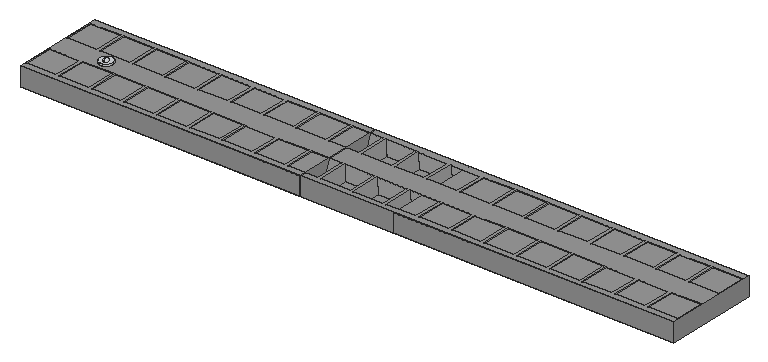
Revit family "2023781", category Lighting Fixtures, host Face, Revit 2018
Family settings
  Host = Face
  Round Connector Dimension = Use Diameter
  Part Type = Normal
  OmniClass Number = 23.80.70.00
  OmniClass Title = Lighting
  Cut with Voids When Loaded = No
  Light Source = Yes
  Shared = No
  Room Calculation Point = No
Parameters (values of type "2023781 OPTIX S 1500 2L D/I HO 4K WHT SSC")
  Weight = "n/a"
  Wattage Comments = ""
  Wattage = 9.2903 W
  WarrantyStartDate [instance] = "n/a"
  WarrantyGuarantorParts = "n/a"
  WarrantyDurationUnit = "n/a"
  WarrantyDurationParts = ""
  WarrantyDescription = "http://www.sylvania-lighting.com"
  built-in parameter 1150110 = 1 (stored number, unit not read)
  Voltage = 0 V
  URL = "0.98"
  TypeName = "OPTIX SURFACE 1500 2L D/I HO 4000K WHT SSC"
  Type Image = <None>
  Type Comments = "n/a"
  built-in parameter 1114217 = 1 (stored number, unit not read)
  Tilt Angle = -90.00°
  built-in parameter 1150109 = 1 (stored number, unit not read)
  built-in parameter 1150134 = 3
  built-in parameter 1150113 = 1 (stored number, unit not read)
  SerialNumber [instance] = "n/a"
  Photometric Web File = "2023781.ies"
  Material_3_SYL = none
  PowerFactor = 0
  PowerConsumption = "Lighting"
  NominalLength = 200 mm
  NominalHeight = 45 mm
  NominalDepth = 200 mm
  Name = "OPTIX SURFACE 1500 2L D/I HO 4000K WHT SSC"
  ModelReference = Name  # "OPTIX SURFACE 1500 2L D/I HO 4000K WHT SSC"
  ModelNumber = "2023781"
  Model = Name  # "OPTIX SURFACE 1500 2L D/I HO 4000K WHT SSC"
  Material = "Feilo Sylvania"
  ManufacturerName = "167 lm/W"
  Manufacturer = ""
  LuminousEfficacy = ""
  built-in parameter 1150105 = 109.82 (stored number, unit not read)
  Lumens = 1380 lm
  LuminaireType = "0"
  built-in parameter 1150115 = 1 (stored number, unit not read)
  LightOutputRatio = "LED"
  built-in parameter 1150137 = (empty or 0)
  built-in parameter 1150139 = (empty or 0)
  LampsType = Lamp  # "n/a"
  LampNominalLuminous = "4000 K"
  LampMacAdamStep = "80"
  LampColourTemperature = "LED"
  LampColourRenderingIndex = "16500"
  built-in parameter 1150112 = 1 (stored number, unit not read)
  built-in parameter 1150114 = 1 (stored number, unit not read)
  Lamp = "n/a"
  Keynote = "n/a"
  InstallationDate [instance] = "n/a"
  InputVoltage = "0"
  InputNominalFrequency = "4000"
  built-in parameter 1150132 = (empty or 0)
  built-in parameter 1150102 = (empty or 0)
  built-in parameter 1150107 = 3200 (stored number, unit not read)
  built-in parameter 1150138 = (empty or 0)
  IngressProtection = "IfcLightFixtureType"
  ImpactProtectionIndex = "IfcLightFixtureType"
  built-in parameter 1150106 = 1.0982 (stored number, unit not read)
  IfcExportType = "IfcLightFixtureType"
  IfcExportAs = "Class I"
  Emit from Circle Diameter = 609.6 mm
  Emit Shape Visible in Rendering = no
  ElectricShockClassification = "167"
  built-in parameter 1150104 = 13.8 (stored number, unit not read)
  DocumentationLiterature = "http://www.sylvania-lighting.com/product/en-int/products/2023781"
  DimmingControlOptions = "n/a"
  Material_2_SYL = none
  Dimming Lamp Color Temperature Shift = <None>
  Description = "OPTIX SURFACE 1500x200 2 LINE D/I HO 4000K WHT SSC is a high efficacy low glare luminaire for office and education applications. Direct / Indirect lighting with 80% downlight and 20% uplight ratio for ceiling suspended mounting. Size: 1410x200x45mm. White plastic low glare optics in 2 lines configuration. White RAL9016 fixture body. SylSmart Standalone capable. 4000K Neutral White LED, CRI>80, chromaticity tolerance of 3-step MacAdam ellipse. Luminous flux 7000lm. Power consumption 42W. Luminaire efficacy 167lm/W. Lifespan: 60,000 hours L90B10. UGR<19, Luminance at 65°<3000 Cd/m2, IK07, IP20. Photobiological safety risk group 1. Electrical protection Class I. Glow wire test 850°C"
  Default Elevation = 1219.2 mm
  CreatedOn = "22/09/2022"
  CreatedBy = "@sylvania-lighting.com"
  Cost = 0
  Color Filter = 16777215
  built-in parameter 1114216 [instance] = (empty or 0)
  ClassificationValue = "EF_70_80"
  ClassificationName = "Uniclass2015"
  Material_1_SYL = none
  BarCode [instance] = "n/a"
  built-in parameter 1114218 = 1 (stored number, unit not read)
  built-in parameter 1150133 = 10 (stored number, unit not read)
  AssetType = "Fixed"
  AssetIdentifier [instance] = "n/a"
  Assembly Code = "D5020200"
  Apparent Load = 42 VA
  Material_4_SYL = none
Reference planes
  plane 1 "Center (Front/Back)": y = 0
  plane 2: z = 0
  plane 3 "Center (Left/Right)": x = 0
  plane 4: x = -100
  plane 5: x = 100
  plane 6: y = 100
  plane 7: y = -100
  plane 8: z = 45
  plane 9: x = -698.5
  plane 10: x = 698.5
  plane 11: x = -633
  plane 12: y = 23
  plane 13: y = -23
  plane 14: x = -563
  plane 15: x = -557
  plane 16: x = -493
  plane 17: x = -487
  plane 18: x = -423
  plane 19: x = -417
  plane 20: x = -353
  plane 21: x = -347
  plane 22: x = -283
  plane 23: x = -277
  plane 24: x = -213
  plane 25: x = -206.997
  plane 26: x = -142.997
  plane 27: x = -136.997
  plane 28: x = -72.997
  plane 29: x = -66.997
  plane 30: x = -2.997
  plane 31: x = 3.003
  plane 32: x = 67.003
  plane 33: x = 73.003
  plane 34: x = 137.003
  plane 35: x = 143.003
  plane 36: x = 207.003
  plane 37: x = 213.003
  plane 38: x = 277.003
  plane 39: x = 283.003
  plane 40: x = 347.003
  plane 41: x = 353.003
  plane 42: x = 417.003
  plane 43: x = 423.003
  plane 44: x = 487.003
  plane 45: x = 493.003
  plane 46: x = 557.003
  plane 47: x = 563.003
  plane 48: x = 627.003
  plane 49: x = 633.003
  plane 50: x = -627
  plane 51: x = 697.011
  plane 52: x = -697
  plane 53: y = -87
  plane 54: y = -55
  plane 55: y = -33.5
  plane 56: y = -76.5
  plane 57: x = -665
  plane 58: x = -643.5
  plane 59: x = -686.5
  plane 60: x = -595
  plane 61: y = -5
  plane 62: z = 52.5
Forms (mm)
  Extrusion 1, solid, material "Aluminum", detail levels medium+fine
    sketch origin (0, 0, 0) x (1, 0, 0) y (0, 1, 0)
      loop
        line (-512.5, 10) -> (-512.5, -10) -> (-487.5, -10) -> (-487.5, 10) -> (-512.5, 10)
    from 0 to 6
  Extrusion 2, solid, material "Aluminum", detail levels medium+fine
    sketch origin (0, 0, 0) x (1, 0, 0) y (0, 1, 0)
      loop
        line (486, 10) -> (486, -10) -> (511, -10) -> (511, 10) -> (486, 10)
    from 0 to 6
  Extrusion 3, solid, material "Aluminum", detail levels medium+fine
    sketch origin (0, 0, 0) x (1, 0, 0) y (0, 1, 0)
      loop
        line (-698.5, 100) -> (-698.5, -100) -> (698.5, -100) -> (698.5, 100) -> (-698.5, 100)
    from 6 to 45
  Extrusion 4, solid, material "Aluminum", detail levels medium+fine
    sketch origin (0, 0, 0) x (1, 0, 0) y (0, 1, 0)
      loop
        line (-100, 100) -> (-698.5, 100) -> (-698.5, -100) -> (-100, -100) -> (-100, 100)
    from 6 to 45
  Extrusion 5, solid, material "Aluminum", detail levels medium+fine
    sketch origin (0, 0, 0) x (1, 0, 0) y (0, 1, 0)
      loop
        line (698.5, 100) -> (100, 100) -> (100, -100) -> (698.5, -100) -> (698.5, 100)
    from 6 to 45
  Blend 6, void
    base sketch origin (0, 0, 0) x (1, 0, 0) y (0, 1, 0)
      loop
        line (-697, -23) -> (-697, -87) -> (-633, -87) -> (-633, -23) -> (-697, -23)
    top sketch origin (0, 0, 0) x (1, 0, 0) y (0, 1, 0)
      loop
        line (-686.5, -33.5) -> (-686.5, -76.5) -> (-643.5, -76.5) -> (-643.5, -33.5) -> (-686.5, -33.5)
    from 45 to 18.5
  Extrusion 7, solid, material "Glass, White, High Luminance", detail levels fine
    sketch origin (0, 0, 0) x (1, 0, 0) y (0, 1, 0)
      loop
        line (-686.5, -33.5) -> (-686.5, -76.5) -> (-643.5, -76.5) -> (-643.5, -33.5) -> (-686.5, -33.5)
    from 18.5 to 20
  Blend 8, void
    base sketch origin (70, 0, 0) x (1, 0, 0) y (0, 1, 0)
      loop
        line (-697, -23) -> (-697, -87) -> (-633, -87) -> (-633, -23) -> (-697, -23)
    top sketch origin (70, 0, 0) x (1, 0, 0) y (0, 1, 0)
      loop
        line (-686.5, -33.5) -> (-686.5, -76.5) -> (-643.5, -76.5) -> (-643.5, -33.5) -> (-686.5, -33.5)
    from 45 to 18.5
  Blend 9, void
    base sketch origin (140, 0, 0) x (1, 0, 0) y (0, 1, 0)
      loop
        line (-697, -23) -> (-697, -87) -> (-633, -87) -> (-633, -23) -> (-697, -23)
    top sketch origin (140, 0, 0) x (1, 0, 0) y (0, 1, 0)
      loop
        line (-686.5, -33.5) -> (-686.5, -76.5) -> (-643.5, -76.5) -> (-643.5, -33.5) -> (-686.5, -33.5)
    from 45 to 18.5
  Blend 10, void
    base sketch origin (210, 0, 0) x (1, 0, 0) y (0, 1, 0)
      loop
        line (-697, -23) -> (-697, -87) -> (-633, -87) -> (-633, -23) -> (-697, -23)
    top sketch origin (210, 0, 0) x (1, 0, 0) y (0, 1, 0)
      loop
        line (-686.5, -33.5) -> (-686.5, -76.5) -> (-643.5, -76.5) -> (-643.5, -33.5) -> (-686.5, -33.5)
    from 45 to 18.5
  Blend 11, void
    base sketch origin (280, 0, 0) x (1, 0, 0) y (0, 1, 0)
      loop
        line (-697, -23) -> (-697, -87) -> (-633, -87) -> (-633, -23) -> (-697, -23)
    top sketch origin (280, 0, 0) x (1, 0, 0) y (0, 1, 0)
      loop
        line (-686.5, -33.5) -> (-686.5, -76.5) -> (-643.5, -76.5) -> (-643.5, -33.5) -> (-686.5, -33.5)
    from 45 to 18.5
  Blend 12, void
    base sketch origin (350, 0, 0) x (1, 0, 0) y (0, 1, 0)
      loop
        line (-697, -23) -> (-697, -87) -> (-633, -87) -> (-633, -23) -> (-697, -23)
    top sketch origin (350, 0, 0) x (1, 0, 0) y (0, 1, 0)
      loop
        line (-686.5, -33.5) -> (-686.5, -76.5) -> (-643.5, -76.5) -> (-643.5, -33.5) -> (-686.5, -33.5)
    from 45 to 18.5
  Blend 13, void
    base sketch origin (420, 0, 0) x (1, 0, 0) y (0, 1, 0)
      loop
        line (-697, -23) -> (-697, -87) -> (-633, -87) -> (-633, -23) -> (-697, -23)
    top sketch origin (420, 0, 0) x (1, 0, 0) y (0, 1, 0)
      loop
        line (-686.5, -33.5) -> (-686.5, -76.5) -> (-643.5, -76.5) -> (-643.5, -33.5) -> (-686.5, -33.5)
    from 45 to 18.5
  Blend 14, void
    base sketch origin (490.003, 0, 0) x (1, 0, 0) y (0, 1, 0)
      loop
        line (-697, -23) -> (-697, -87) -> (-633, -87) -> (-633, -23) -> (-697, -23)
    top sketch origin (490.003, 0, 0) x (1, 0, 0) y (0, 1, 0)
      loop
        line (-686.5, -33.5) -> (-686.5, -76.5) -> (-643.5, -76.5) -> (-643.5, -33.5) -> (-686.5, -33.5)
    from 45 to 18.5
  Blend 15, void
    base sketch origin (560.003, 0, 0) x (1, 0, 0) y (0, 1, 0)
      loop
        line (-697, -23) -> (-697, -87) -> (-633, -87) -> (-633, -23) -> (-697, -23)
    top sketch origin (560.003, 0, 0) x (1, 0, 0) y (0, 1, 0)
      loop
        line (-686.5, -33.5) -> (-686.5, -76.5) -> (-643.5, -76.5) -> (-643.5, -33.5) -> (-686.5, -33.5)
    from 45 to 18.5
  Blend 16, void
    base sketch origin (630.003, 0, 0) x (1, 0, 0) y (0, 1, 0)
      loop
        line (-697, -23) -> (-697, -87) -> (-633, -87) -> (-633, -23) -> (-697, -23)
    top sketch origin (630.003, 0, 0) x (1, 0, 0) y (0, 1, 0)
      loop
        line (-686.5, -33.5) -> (-686.5, -76.5) -> (-643.5, -76.5) -> (-643.5, -33.5) -> (-686.5, -33.5)
    from 45 to 18.5
  Blend 17, void
    base sketch origin (700.003, 0, 0) x (1, 0, 0) y (0, 1, 0)
      loop
        line (-697, -23) -> (-697, -87) -> (-633, -87) -> (-633, -23) -> (-697, -23)
    top sketch origin (700.003, 0, 0) x (1, 0, 0) y (0, 1, 0)
      loop
        line (-686.5, -33.5) -> (-686.5, -76.5) -> (-643.5, -76.5) -> (-643.5, -33.5) -> (-686.5, -33.5)
    from 45 to 18.5
  Blend 18, void
    base sketch origin (770.003, 0, 0) x (1, 0, 0) y (0, 1, 0)
      loop
        line (-697, -23) -> (-697, -87) -> (-633, -87) -> (-633, -23) -> (-697, -23)
    top sketch origin (770.003, 0, 0) x (1, 0, 0) y (0, 1, 0)
      loop
        line (-686.5, -33.5) -> (-686.5, -76.5) -> (-643.5, -76.5) -> (-643.5, -33.5) -> (-686.5, -33.5)
    from 45 to 18.5
  Blend 19, void
    base sketch origin (840.003, 0, 0) x (1, 0, 0) y (0, 1, 0)
      loop
        line (-697, -23) -> (-697, -87) -> (-633, -87) -> (-633, -23) -> (-697, -23)
    top sketch origin (840.003, 0, 0) x (1, 0, 0) y (0, 1, 0)
      loop
        line (-686.5, -33.5) -> (-686.5, -76.5) -> (-643.5, -76.5) -> (-643.5, -33.5) -> (-686.5, -33.5)
    from 45 to 18.5
  Blend 20, void
    base sketch origin (910.003, 0, 0) x (1, 0, 0) y (0, 1, 0)
      loop
        line (-697, -23) -> (-697, -87) -> (-633, -87) -> (-633, -23) -> (-697, -23)
    top sketch origin (910.003, 0, 0) x (1, 0, 0) y (0, 1, 0)
      loop
        line (-686.5, -33.5) -> (-686.5, -76.5) -> (-643.5, -76.5) -> (-643.5, -33.5) -> (-686.5, -33.5)
    from 45 to 18.5
  Blend 21, void
    base sketch origin (980.003, 0, 0) x (1, 0, 0) y (0, 1, 0)
      loop
        line (-697, -23) -> (-697, -87) -> (-633, -87) -> (-633, -23) -> (-697, -23)
    top sketch origin (980.003, 0, 0) x (1, 0, 0) y (0, 1, 0)
      loop
        line (-686.5, -33.5) -> (-686.5, -76.5) -> (-643.5, -76.5) -> (-643.5, -33.5) -> (-686.5, -33.5)
    from 45 to 18.5
  Blend 22, void
    base sketch origin (1050.003, 0, 0) x (1, 0, 0) y (0, 1, 0)
      loop
        line (-697, -23) -> (-697, -87) -> (-633, -87) -> (-633, -23) -> (-697, -23)
    top sketch origin (1050.003, 0, 0) x (1, 0, 0) y (0, 1, 0)
      loop
        line (-686.5, -33.5) -> (-686.5, -76.5) -> (-643.5, -76.5) -> (-643.5, -33.5) -> (-686.5, -33.5)
    from 45 to 18.5
  Blend 23, void
    base sketch origin (1120.003, 0, 0) x (1, 0, 0) y (0, 1, 0)
      loop
        line (-697, -23) -> (-697, -87) -> (-633, -87) -> (-633, -23) -> (-697, -23)
    top sketch origin (1120.003, 0, 0) x (1, 0, 0) y (0, 1, 0)
      loop
        line (-686.5, -33.5) -> (-686.5, -76.5) -> (-643.5, -76.5) -> (-643.5, -33.5) -> (-686.5, -33.5)
    from 45 to 18.5
  Blend 24, void
    base sketch origin (1190.003, 0, 0) x (1, 0, 0) y (0, 1, 0)
      loop
        line (-697, -23) -> (-697, -87) -> (-633, -87) -> (-633, -23) -> (-697, -23)
    top sketch origin (1190.003, 0, 0) x (1, 0, 0) y (0, 1, 0)
      loop
        line (-686.5, -33.5) -> (-686.5, -76.5) -> (-643.5, -76.5) -> (-643.5, -33.5) -> (-686.5, -33.5)
    from 45 to 18.5
  Blend 25, void
    base sketch origin (1260.003, 0, 0) x (1, 0, 0) y (0, 1, 0)
      loop
        line (-697, -23) -> (-697, -87) -> (-633, -87) -> (-633, -23) -> (-697, -23)
    top sketch origin (1260.003, 0, 0) x (1, 0, 0) y (0, 1, 0)
      loop
        line (-686.5, -33.5) -> (-686.5, -76.5) -> (-643.5, -76.5) -> (-643.5, -33.5) -> (-686.5, -33.5)
    from 45 to 18.5
  Blend 26, void
    base sketch origin (1330.003, 0, 0) x (1, 0, 0) y (0, 1, 0)
      loop
        line (-697, -23) -> (-697, -87) -> (-633, -87) -> (-633, -23) -> (-697, -23)
    top sketch origin (1330.003, 0, 0) x (1, 0, 0) y (0, 1, 0)
      loop
        line (-686.5, -33.5) -> (-686.5, -76.5) -> (-643.5, -76.5) -> (-643.5, -33.5) -> (-686.5, -33.5)
    from 45 to 18.5
  Extrusion 27, solid, material "Glass, White, High Luminance", detail levels fine
    sketch origin (70, 0, 0) x (1, 0, 0) y (0, 1, 0)
      loop
        line (-686.5, -33.5) -> (-686.5, -76.5) -> (-643.5, -76.5) -> (-643.5, -33.5) -> (-686.5, -33.5)
    from 18.5 to 20
  Extrusion 28, solid, material "Glass, White, High Luminance", detail levels fine
    sketch origin (140, 0, 0) x (1, 0, 0) y (0, 1, 0)
      loop
        line (-686.5, -33.5) -> (-686.5, -76.5) -> (-643.5, -76.5) -> (-643.5, -33.5) -> (-686.5, -33.5)
    from 18.5 to 20
  Extrusion 29, solid, material "Glass, White, High Luminance", detail levels fine
    sketch origin (210, 0, 0) x (1, 0, 0) y (0, 1, 0)
      loop
        line (-686.5, -33.5) -> (-686.5, -76.5) -> (-643.5, -76.5) -> (-643.5, -33.5) -> (-686.5, -33.5)
    from 18.5 to 20
  Extrusion 30, solid, material "Glass, White, High Luminance", detail levels fine
    sketch origin (280, 0, 0) x (1, 0, 0) y (0, 1, 0)
      loop
        line (-686.5, -33.5) -> (-686.5, -76.5) -> (-643.5, -76.5) -> (-643.5, -33.5) -> (-686.5, -33.5)
    from 18.5 to 20
  Extrusion 31, solid, material "Glass, White, High Luminance", detail levels fine
    sketch origin (350, 0, 0) x (1, 0, 0) y (0, 1, 0)
      loop
        line (-686.5, -33.5) -> (-686.5, -76.5) -> (-643.5, -76.5) -> (-643.5, -33.5) -> (-686.5, -33.5)
    from 18.5 to 20
  Extrusion 32, solid, material "Glass, White, High Luminance", detail levels fine
    sketch origin (420, 0, 0) x (1, 0, 0) y (0, 1, 0)
      loop
        line (-686.5, -33.5) -> (-686.5, -76.5) -> (-643.5, -76.5) -> (-643.5, -33.5) -> (-686.5, -33.5)
    from 18.5 to 20
  Extrusion 33, solid, material "Glass, White, High Luminance", detail levels fine
    sketch origin (490.003, 0, 0) x (1, 0, 0) y (0, 1, 0)
      loop
        line (-686.5, -33.5) -> (-686.5, -76.5) -> (-643.5, -76.5) -> (-643.5, -33.5) -> (-686.5, -33.5)
    from 18.5 to 20
  Extrusion 34, solid, material "Glass, White, High Luminance", detail levels fine
    sketch origin (560.003, 0, 0) x (1, 0, 0) y (0, 1, 0)
      loop
        line (-686.5, -33.5) -> (-686.5, -76.5) -> (-643.5, -76.5) -> (-643.5, -33.5) -> (-686.5, -33.5)
    from 18.5 to 20
  Extrusion 35, solid, material "Glass, White, High Luminance", detail levels fine
    sketch origin (630.003, 0, 0) x (1, 0, 0) y (0, 1, 0)
      loop
        line (-686.5, -33.5) -> (-686.5, -76.5) -> (-643.5, -76.5) -> (-643.5, -33.5) -> (-686.5, -33.5)
    from 18.5 to 20
  Extrusion 36, solid, material "Glass, White, High Luminance", detail levels fine
    sketch origin (700.003, 0, 0) x (1, 0, 0) y (0, 1, 0)
      loop
        line (-686.5, -33.5) -> (-686.5, -76.5) -> (-643.5, -76.5) -> (-643.5, -33.5) -> (-686.5, -33.5)
    from 18.5 to 20
  Extrusion 37, solid, material "Glass, White, High Luminance", detail levels fine
    sketch origin (770.003, 0, 0) x (1, 0, 0) y (0, 1, 0)
      loop
        line (-686.5, -33.5) -> (-686.5, -76.5) -> (-643.5, -76.5) -> (-643.5, -33.5) -> (-686.5, -33.5)
    from 18.5 to 20
  Extrusion 38, solid, material "Glass, White, High Luminance", detail levels fine
    sketch origin (840.003, 0, 0) x (1, 0, 0) y (0, 1, 0)
      loop
        line (-686.5, -33.5) -> (-686.5, -76.5) -> (-643.5, -76.5) -> (-643.5, -33.5) -> (-686.5, -33.5)
    from 18.5 to 20
  Extrusion 39, solid, material "Glass, White, High Luminance", detail levels fine
    sketch origin (910.003, 0, 0) x (1, 0, 0) y (0, 1, 0)
      loop
        line (-686.5, -33.5) -> (-686.5, -76.5) -> (-643.5, -76.5) -> (-643.5, -33.5) -> (-686.5, -33.5)
    from 18.5 to 20
  Extrusion 40, solid, material "Glass, White, High Luminance", detail levels fine
    sketch origin (980.003, 0, 0) x (1, 0, 0) y (0, 1, 0)
      loop
        line (-686.5, -33.5) -> (-686.5, -76.5) -> (-643.5, -76.5) -> (-643.5, -33.5) -> (-686.5, -33.5)
    from 18.5 to 20
  Extrusion 41, solid, material "Glass, White, High Luminance", detail levels fine
    sketch origin (1050.003, 0, 0) x (1, 0, 0) y (0, 1, 0)
      loop
        line (-686.5, -33.5) -> (-686.5, -76.5) -> (-643.5, -76.5) -> (-643.5, -33.5) -> (-686.5, -33.5)
    from 18.5 to 20
  Extrusion 42, solid, material "Glass, White, High Luminance", detail levels fine
    sketch origin (1120.003, 0, 0) x (1, 0, 0) y (0, 1, 0)
      loop
        line (-686.5, -33.5) -> (-686.5, -76.5) -> (-643.5, -76.5) -> (-643.5, -33.5) -> (-686.5, -33.5)
    from 18.5 to 20
  Extrusion 43, solid, material "Glass, White, High Luminance", detail levels fine
    sketch origin (1190.003, 0, 0) x (1, 0, 0) y (0, 1, 0)
      loop
        line (-686.5, -33.5) -> (-686.5, -76.5) -> (-643.5, -76.5) -> (-643.5, -33.5) -> (-686.5, -33.5)
    from 18.5 to 20
  Extrusion 44, solid, material "Glass, White, High Luminance", detail levels fine
    sketch origin (1260.003, 0, 0) x (1, 0, 0) y (0, 1, 0)
      loop
        line (-686.5, -33.5) -> (-686.5, -76.5) -> (-643.5, -76.5) -> (-643.5, -33.5) -> (-686.5, -33.5)
    from 18.5 to 20
  Extrusion 45, solid, material "Glass, White, High Luminance", detail levels fine
    sketch origin (1330.003, 0, 0) x (1, 0, 0) y (0, 1, 0)
      loop
        line (-686.5, -33.5) -> (-686.5, -76.5) -> (-643.5, -76.5) -> (-643.5, -33.5) -> (-686.5, -33.5)
    from 18.5 to 20
  Blend 46, void
    base sketch origin (0, 110, 0) x (1, 0, 0) y (0, 1, 0)
      loop
        line (-697, -23) -> (-697, -87) -> (-633, -87) -> (-633, -23) -> (-697, -23)
    top sketch origin (0, 110, 0) x (1, 0, 0) y (0, 1, 0)
      loop
        line (-686.5, -33.5) -> (-686.5, -76.5) -> (-643.5, -76.5) -> (-643.5, -33.5) -> (-686.5, -33.5)
    from 45 to 18.5
  Blend 47, void
    base sketch origin (70, 110, 0) x (1, 0, 0) y (0, 1, 0)
      loop
        line (-697, -23) -> (-697, -87) -> (-633, -87) -> (-633, -23) -> (-697, -23)
    top sketch origin (70, 110, 0) x (1, 0, 0) y (0, 1, 0)
      loop
        line (-686.5, -33.5) -> (-686.5, -76.5) -> (-643.5, -76.5) -> (-643.5, -33.5) -> (-686.5, -33.5)
    from 45 to 18.5
  Blend 48, void
    base sketch origin (140, 110, 0) x (1, 0, 0) y (0, 1, 0)
      loop
        line (-697, -23) -> (-697, -87) -> (-633, -87) -> (-633, -23) -> (-697, -23)
    top sketch origin (140, 110, 0) x (1, 0, 0) y (0, 1, 0)
      loop
        line (-686.5, -33.5) -> (-686.5, -76.5) -> (-643.5, -76.5) -> (-643.5, -33.5) -> (-686.5, -33.5)
    from 45 to 18.5
  Blend 49, void
    base sketch origin (210, 110, 0) x (1, 0, 0) y (0, 1, 0)
      loop
        line (-697, -23) -> (-697, -87) -> (-633, -87) -> (-633, -23) -> (-697, -23)
    top sketch origin (210, 110, 0) x (1, 0, 0) y (0, 1, 0)
      loop
        line (-686.5, -33.5) -> (-686.5, -76.5) -> (-643.5, -76.5) -> (-643.5, -33.5) -> (-686.5, -33.5)
    from 45 to 18.5
  Blend 50, void
    base sketch origin (280, 110, 0) x (1, 0, 0) y (0, 1, 0)
      loop
        line (-697, -23) -> (-697, -87) -> (-633, -87) -> (-633, -23) -> (-697, -23)
    top sketch origin (280, 110, 0) x (1, 0, 0) y (0, 1, 0)
      loop
        line (-686.5, -33.5) -> (-686.5, -76.5) -> (-643.5, -76.5) -> (-643.5, -33.5) -> (-686.5, -33.5)
    from 45 to 18.5
  Blend 51, void
    base sketch origin (350, 110, 0) x (1, 0, 0) y (0, 1, 0)
      loop
        line (-697, -23) -> (-697, -87) -> (-633, -87) -> (-633, -23) -> (-697, -23)
    top sketch origin (350, 110, 0) x (1, 0, 0) y (0, 1, 0)
      loop
        line (-686.5, -33.5) -> (-686.5, -76.5) -> (-643.5, -76.5) -> (-643.5, -33.5) -> (-686.5, -33.5)
    from 45 to 18.5
  Blend 52, void
    base sketch origin (420, 110, 0) x (1, 0, 0) y (0, 1, 0)
      loop
        line (-697, -23) -> (-697, -87) -> (-633, -87) -> (-633, -23) -> (-697, -23)
    top sketch origin (420, 110, 0) x (1, 0, 0) y (0, 1, 0)
      loop
        line (-686.5, -33.5) -> (-686.5, -76.5) -> (-643.5, -76.5) -> (-643.5, -33.5) -> (-686.5, -33.5)
    from 45 to 18.5
  Blend 53, void
    base sketch origin (490.003, 110, 0) x (1, 0, 0) y (0, 1, 0)
      loop
        line (-697, -23) -> (-697, -87) -> (-633, -87) -> (-633, -23) -> (-697, -23)
    top sketch origin (490.003, 110, 0) x (1, 0, 0) y (0, 1, 0)
      loop
        line (-686.5, -33.5) -> (-686.5, -76.5) -> (-643.5, -76.5) -> (-643.5, -33.5) -> (-686.5, -33.5)
    from 45 to 18.5
  Blend 54, void
    base sketch origin (560.003, 110, 0) x (1, 0, 0) y (0, 1, 0)
      loop
        line (-697, -23) -> (-697, -87) -> (-633, -87) -> (-633, -23) -> (-697, -23)
    top sketch origin (560.003, 110, 0) x (1, 0, 0) y (0, 1, 0)
      loop
        line (-686.5, -33.5) -> (-686.5, -76.5) -> (-643.5, -76.5) -> (-643.5, -33.5) -> (-686.5, -33.5)
    from 45 to 18.5
  Blend 55, void
    base sketch origin (630.003, 110, 0) x (1, 0, 0) y (0, 1, 0)
      loop
        line (-697, -23) -> (-697, -87) -> (-633, -87) -> (-633, -23) -> (-697, -23)
    top sketch origin (630.003, 110, 0) x (1, 0, 0) y (0, 1, 0)
      loop
        line (-686.5, -33.5) -> (-686.5, -76.5) -> (-643.5, -76.5) -> (-643.5, -33.5) -> (-686.5, -33.5)
    from 45 to 18.5
  Blend 56, void
    base sketch origin (700.003, 110, 0) x (1, 0, 0) y (0, 1, 0)
      loop
        line (-697, -23) -> (-697, -87) -> (-633, -87) -> (-633, -23) -> (-697, -23)
    top sketch origin (700.003, 110, 0) x (1, 0, 0) y (0, 1, 0)
      loop
        line (-686.5, -33.5) -> (-686.5, -76.5) -> (-643.5, -76.5) -> (-643.5, -33.5) -> (-686.5, -33.5)
    from 45 to 18.5
  Blend 57, void
    base sketch origin (770.003, 110, 0) x (1, 0, 0) y (0, 1, 0)
      loop
        line (-697, -23) -> (-697, -87) -> (-633, -87) -> (-633, -23) -> (-697, -23)
    top sketch origin (770.003, 110, 0) x (1, 0, 0) y (0, 1, 0)
      loop
        line (-686.5, -33.5) -> (-686.5, -76.5) -> (-643.5, -76.5) -> (-643.5, -33.5) -> (-686.5, -33.5)
    from 45 to 18.5
  Blend 58, void
    base sketch origin (840.003, 110, 0) x (1, 0, 0) y (0, 1, 0)
      loop
        line (-697, -23) -> (-697, -87) -> (-633, -87) -> (-633, -23) -> (-697, -23)
    top sketch origin (840.003, 110, 0) x (1, 0, 0) y (0, 1, 0)
      loop
        line (-686.5, -33.5) -> (-686.5, -76.5) -> (-643.5, -76.5) -> (-643.5, -33.5) -> (-686.5, -33.5)
    from 45 to 18.5
  Blend 59, void
    base sketch origin (910.003, 110, 0) x (1, 0, 0) y (0, 1, 0)
      loop
        line (-697, -23) -> (-697, -87) -> (-633, -87) -> (-633, -23) -> (-697, -23)
    top sketch origin (910.003, 110, 0) x (1, 0, 0) y (0, 1, 0)
      loop
        line (-686.5, -33.5) -> (-686.5, -76.5) -> (-643.5, -76.5) -> (-643.5, -33.5) -> (-686.5, -33.5)
    from 45 to 18.5
  Blend 60, void
    base sketch origin (980.003, 110, 0) x (1, 0, 0) y (0, 1, 0)
      loop
        line (-697, -23) -> (-697, -87) -> (-633, -87) -> (-633, -23) -> (-697, -23)
    top sketch origin (980.003, 110, 0) x (1, 0, 0) y (0, 1, 0)
      loop
        line (-686.5, -33.5) -> (-686.5, -76.5) -> (-643.5, -76.5) -> (-643.5, -33.5) -> (-686.5, -33.5)
    from 45 to 18.5
  Blend 61, void
    base sketch origin (1050.003, 110, 0) x (1, 0, 0) y (0, 1, 0)
      loop
        line (-697, -23) -> (-697, -87) -> (-633, -87) -> (-633, -23) -> (-697, -23)
    top sketch origin (1050.003, 110, 0) x (1, 0, 0) y (0, 1, 0)
      loop
        line (-686.5, -33.5) -> (-686.5, -76.5) -> (-643.5, -76.5) -> (-643.5, -33.5) -> (-686.5, -33.5)
    from 45 to 18.5
  Blend 62, void
    base sketch origin (1120.003, 110, 0) x (1, 0, 0) y (0, 1, 0)
      loop
        line (-697, -23) -> (-697, -87) -> (-633, -87) -> (-633, -23) -> (-697, -23)
    top sketch origin (1120.003, 110, 0) x (1, 0, 0) y (0, 1, 0)
      loop
        line (-686.5, -33.5) -> (-686.5, -76.5) -> (-643.5, -76.5) -> (-643.5, -33.5) -> (-686.5, -33.5)
    from 45 to 18.5
  Blend 63, void
    base sketch origin (1190.003, 110, 0) x (1, 0, 0) y (0, 1, 0)
      loop
        line (-697, -23) -> (-697, -87) -> (-633, -87) -> (-633, -23) -> (-697, -23)
    top sketch origin (1190.003, 110, 0) x (1, 0, 0) y (0, 1, 0)
      loop
        line (-686.5, -33.5) -> (-686.5, -76.5) -> (-643.5, -76.5) -> (-643.5, -33.5) -> (-686.5, -33.5)
    from 45 to 18.5
  Blend 64, void
    base sketch origin (1260.003, 110, 0) x (1, 0, 0) y (0, 1, 0)
      loop
        line (-697, -23) -> (-697, -87) -> (-633, -87) -> (-633, -23) -> (-697, -23)
    top sketch origin (1260.003, 110, 0) x (1, 0, 0) y (0, 1, 0)
      loop
        line (-686.5, -33.5) -> (-686.5, -76.5) -> (-643.5, -76.5) -> (-643.5, -33.5) -> (-686.5, -33.5)
    from 45 to 18.5
  Blend 65, void
    base sketch origin (1330.003, 110, 0) x (1, 0, 0) y (0, 1, 0)
      loop
        line (-697, -23) -> (-697, -87) -> (-633, -87) -> (-633, -23) -> (-697, -23)
    top sketch origin (1330.003, 110, 0) x (1, 0, 0) y (0, 1, 0)
      loop
        line (-686.5, -33.5) -> (-686.5, -76.5) -> (-643.5, -76.5) -> (-643.5, -33.5) -> (-686.5, -33.5)
    from 45 to 18.5
  Extrusion 66, solid, material "Glass, White, High Luminance", detail levels fine
    sketch origin (0, 110, 0) x (1, 0, 0) y (0, 1, 0)
      loop
        line (-686.5, -33.5) -> (-686.5, -76.5) -> (-643.5, -76.5) -> (-643.5, -33.5) -> (-686.5, -33.5)
    from 18.5 to 20
  Extrusion 67, solid, material "Glass, White, High Luminance", detail levels fine
    sketch origin (70, 110, 0) x (1, 0, 0) y (0, 1, 0)
      loop
        line (-686.5, -33.5) -> (-686.5, -76.5) -> (-643.5, -76.5) -> (-643.5, -33.5) -> (-686.5, -33.5)
    from 18.5 to 20
  Extrusion 68, solid, material "Glass, White, High Luminance", detail levels fine
    sketch origin (140, 110, 0) x (1, 0, 0) y (0, 1, 0)
      loop
        line (-686.5, -33.5) -> (-686.5, -76.5) -> (-643.5, -76.5) -> (-643.5, -33.5) -> (-686.5, -33.5)
    from 18.5 to 20
  Extrusion 69, solid, material "Glass, White, High Luminance", detail levels fine
    sketch origin (210, 110, 0) x (1, 0, 0) y (0, 1, 0)
      loop
        line (-686.5, -33.5) -> (-686.5, -76.5) -> (-643.5, -76.5) -> (-643.5, -33.5) -> (-686.5, -33.5)
    from 18.5 to 20
  Extrusion 70, solid, material "Glass, White, High Luminance", detail levels fine
    sketch origin (280, 110, 0) x (1, 0, 0) y (0, 1, 0)
      loop
        line (-686.5, -33.5) -> (-686.5, -76.5) -> (-643.5, -76.5) -> (-643.5, -33.5) -> (-686.5, -33.5)
    from 18.5 to 20
  Extrusion 71, solid, material "Glass, White, High Luminance", detail levels fine
    sketch origin (350, 110, 0) x (1, 0, 0) y (0, 1, 0)
      loop
        line (-686.5, -33.5) -> (-686.5, -76.5) -> (-643.5, -76.5) -> (-643.5, -33.5) -> (-686.5, -33.5)
    from 18.5 to 20
  Extrusion 72, solid, material "Glass, White, High Luminance", detail levels fine
    sketch origin (420, 110, 0) x (1, 0, 0) y (0, 1, 0)
      loop
        line (-686.5, -33.5) -> (-686.5, -76.5) -> (-643.5, -76.5) -> (-643.5, -33.5) -> (-686.5, -33.5)
    from 18.5 to 20
  Extrusion 73, solid, material "Glass, White, High Luminance", detail levels fine
    sketch origin (700.003, 110, 0) x (1, 0, 0) y (0, 1, 0)
      loop
        line (-686.5, -33.5) -> (-686.5, -76.5) -> (-643.5, -76.5) -> (-643.5, -33.5) -> (-686.5, -33.5)
    from 18.5 to 20
  Extrusion 74, solid, material "Glass, White, High Luminance", detail levels fine
    sketch origin (770.003, 110, 0) x (1, 0, 0) y (0, 1, 0)
      loop
        line (-686.5, -33.5) -> (-686.5, -76.5) -> (-643.5, -76.5) -> (-643.5, -33.5) -> (-686.5, -33.5)
    from 18.5 to 20
  Extrusion 75, solid, material "Glass, White, High Luminance", detail levels fine
    sketch origin (840.003, 110, 0) x (1, 0, 0) y (0, 1, 0)
      loop
        line (-686.5, -33.5) -> (-686.5, -76.5) -> (-643.5, -76.5) -> (-643.5, -33.5) -> (-686.5, -33.5)
    from 18.5 to 20
  Extrusion 76, solid, material "Glass, White, High Luminance", detail levels fine
    sketch origin (910.003, 110, 0) x (1, 0, 0) y (0, 1, 0)
      loop
        line (-686.5, -33.5) -> (-686.5, -76.5) -> (-643.5, -76.5) -> (-643.5, -33.5) -> (-686.5, -33.5)
    from 18.5 to 20
  Extrusion 77, solid, material "Glass, White, High Luminance", detail levels fine
    sketch origin (980.003, 110, 0) x (1, 0, 0) y (0, 1, 0)
      loop
        line (-686.5, -33.5) -> (-686.5, -76.5) -> (-643.5, -76.5) -> (-643.5, -33.5) -> (-686.5, -33.5)
    from 18.5 to 20
  Extrusion 78, solid, material "Glass, White, High Luminance", detail levels fine
    sketch origin (1050.003, 110, 0) x (1, 0, 0) y (0, 1, 0)
      loop
        line (-686.5, -33.5) -> (-686.5, -76.5) -> (-643.5, -76.5) -> (-643.5, -33.5) -> (-686.5, -33.5)
    from 18.5 to 20
  Extrusion 79, solid, material "Glass, White, High Luminance", detail levels fine
    sketch origin (1120.003, 110, 0) x (1, 0, 0) y (0, 1, 0)
      loop
        line (-686.5, -33.5) -> (-686.5, -76.5) -> (-643.5, -76.5) -> (-643.5, -33.5) -> (-686.5, -33.5)
    from 18.5 to 20
  Extrusion 80, solid, material "Glass, White, High Luminance", detail levels fine
    sketch origin (1190.003, 110, 0) x (1, 0, 0) y (0, 1, 0)
      loop
        line (-686.5, -33.5) -> (-686.5, -76.5) -> (-643.5, -76.5) -> (-643.5, -33.5) -> (-686.5, -33.5)
    from 18.5 to 20
  Extrusion 81, solid, material "Glass, White, High Luminance", detail levels fine
    sketch origin (1260.003, 110, 0) x (1, 0, 0) y (0, 1, 0)
      loop
        line (-686.5, -33.5) -> (-686.5, -76.5) -> (-643.5, -76.5) -> (-643.5, -33.5) -> (-686.5, -33.5)
    from 18.5 to 20
  Extrusion 82, solid, material "Glass, White, High Luminance", detail levels fine
    sketch origin (1330.003, 110, 0) x (1, 0, 0) y (0, 1, 0)
      loop
        line (-686.5, -33.5) -> (-686.5, -76.5) -> (-643.5, -76.5) -> (-643.5, -33.5) -> (-686.5, -33.5)
    from 18.5 to 20
  Extrusion 83, solid, material "Glass, White, High Luminance", detail levels fine
    sketch origin (490.003, 110, 0) x (1, 0, 0) y (0, 1, 0)
      loop
        line (-686.5, -33.5) -> (-686.5, -76.5) -> (-643.5, -76.5) -> (-643.5, -33.5) -> (-686.5, -33.5)
    from 18.5 to 20
  Extrusion 84, solid, material "Glass, White, High Luminance", detail levels fine
    sketch origin (560.003, 110, 0) x (1, 0, 0) y (0, 1, 0)
      loop
        line (-686.5, -33.5) -> (-686.5, -76.5) -> (-643.5, -76.5) -> (-643.5, -33.5) -> (-686.5, -33.5)
    from 18.5 to 20
  Extrusion 85, solid, material "Glass, White, High Luminance", detail levels fine
    sketch origin (630.003, 110, 0) x (1, 0, 0) y (0, 1, 0)
      loop
        line (-686.5, -33.5) -> (-686.5, -76.5) -> (-643.5, -76.5) -> (-643.5, -33.5) -> (-686.5, -33.5)
    from 18.5 to 20
  Extrusion 86, solid, detail levels coarse
    sketch origin (0, 0, 0) x (1, 0, 0) y (0, 1, 0)
      loop
        line (-100, 100) -> (-100, -100) -> (100, -100) -> (100, 100) -> (-100, 100)
    from 0 to 52.5
  Extrusion 87, solid, detail levels medium+fine
    sketch origin (0, 0, 0) x (1, 0, 0) y (0, 1, 0)
      loop
        circle (-595, 0) r 14
    from 45 to 48
  Revolve 88, solid, detail levels medium+fine
    sketch origin (-595.001, 1524, 1219.205) x (0, 1, 0) y (0, 0, 1)
      loop
        arc (-1524, -1166.7) -> (-1527.37, -1167.983) -> (-1529, -1171.2) r 5
        line (-1529, -1171.2) -> (-1524, -1171.2) -> (-1524, -1166.7)
      axis (-1524, -1166.7) -> (-1524, -1171.2)
    angle from 0.32 to 360
Cuts and joins
  Blend 6, Blend 8, Blend 9, Blend 10, Blend 11, Blend 12, Blend 13, Blend 14, Blend 15, Blend 16, Blend 17, Blend 18, Blend 19, Blend 20, Blend 21, Blend 22, Blend 23, Blend 24, Blend 25, Blend 26, Blend 46, Blend 47, Blend 48, Blend 49, Blend 50, Blend 51, Blend 52, Blend 53, Blend 54, Blend 55, Blend 56, Blend 57, Blend 58, Blend 59, Blend 60, Blend 61, Blend 62, Blend 63, Blend 64, Blend 65 cuts Extrusion 3
  Blend 8, Blend 46 cuts Extrusion 7
  Blend 47 cuts Extrusion 27
  Blend 48 cuts Extrusion 28
  Blend 49 cuts Extrusion 29
  Blend 50 cuts Extrusion 30
  Blend 51 cuts Extrusion 31
  Blend 52 cuts Extrusion 32
  Blend 53 cuts Extrusion 33
  Blend 54 cuts Extrusion 34
  Blend 55 cuts Extrusion 35
  Blend 56 cuts Extrusion 36
  Blend 57 cuts Extrusion 37
  Blend 58 cuts Extrusion 38
  Blend 59 cuts Extrusion 39
  Blend 60 cuts Extrusion 40
  Blend 61 cuts Extrusion 41
  Blend 62 cuts Extrusion 42
  Blend 63 cuts Extrusion 43
  Blend 64 cuts Extrusion 44
  Blend 65 cuts Extrusion 45
Dimensions and locks
  "NominalLength": plane 4 to plane 5
  equal spacing: plane 4, plane 3 "Center (Left/Right)", plane 5
  "NominalDepth": plane 6 to plane 7
  equal spacing: plane 6, plane 1 "Center (Front/Back)", plane 7
  "NominalHeight": plane 8 to level
  aligned and locked: plane 2 to host face
  aligned and locked: level to host face
Automatic sketch dimensions
  host sketch curve to host sketch curve = 2438.4 mm  (x2)
  Extrusion 1 sketch curve to plane 16 = 19.5 mm
  Extrusion 1 sketch curve to plane 17 = 0.5 mm
  plane 1 "Center (Front/Back)" to Extrusion 1 sketch curve = 10 mm
  Extrusion 1 sketch curve to plane 1 "Center (Front/Back)" = 10 mm
  Extrusion 2 sketch curve to plane 44 = 1.003 mm
  plane 45 to Extrusion 2 sketch curve = 17.997 mm
  plane 1 "Center (Front/Back)" to Extrusion 2 sketch curve = 10 mm
  Extrusion 2 sketch curve to plane 1 "Center (Front/Back)" = 10 mm
  Extrusion 3 sketch curve to plane 7 = 0 mm
  Extrusion 3 sketch curve to plane 9 = 0 mm
  Extrusion 3 sketch curve to plane 10 = 0 mm
  Extrusion 3 sketch curve to plane 6 = 0 mm
  Extrusion 4 sketch curve to plane 4 = 0 mm
  Extrusion 4 sketch curve to plane 7 = 0 mm
  Extrusion 4 sketch curve to plane 9 = 0 mm
  Extrusion 4 sketch curve to plane 6 = 0 mm
  Extrusion 5 sketch curve to plane 7 = 0 mm
  Extrusion 5 sketch curve to plane 10 = 0 mm
  Extrusion 5 sketch curve to plane 5 = 0 mm
  Extrusion 5 sketch curve to plane 6 = 0 mm
  Blend 6 sketch curve to plane 52 = 0 mm
  Blend 6 sketch curve to plane 11 = 0 mm
  Blend 6 sketch curve to plane 53 = 0 mm
  Blend 6 sketch curve to plane 13 = 0 mm
  Blend 6 sketch curve to plane 56 = 0 mm
  Blend 6 sketch curve to plane 59 = 0 mm
  Blend 6 sketch curve to plane 58 = 0 mm
  Blend 6 sketch curve to plane 55 = 0 mm
  Extrusion 7 sketch curve to plane 56 = 0 mm
  Extrusion 7 sketch curve to plane 59 = 0 mm
  Extrusion 7 sketch curve to plane 58 = 0 mm
  Extrusion 7 sketch curve to plane 55 = 0 mm
  Blend 8 sketch curve to plane 50 = 0 mm
  Blend 8 sketch curve to plane 14 = 0 mm
  Blend 8 sketch curve to plane 53 = 0 mm
  Blend 8 sketch curve to plane 13 = 0 mm
  Blend 8 sketch curve to plane 56 = 0 mm
  Blend 8 sketch curve to plane 55 = 0 mm
  plane 50 to Blend 8 sketch curve = 10.5 mm
  Blend 8 sketch curve to plane 14 = 10.5 mm
  Blend 9 sketch curve to plane 15 = 0 mm
  Blend 9 sketch curve to plane 16 = 0 mm
  plane 53 to Blend 9 sketch curve = 0 mm
  Blend 9 sketch curve to plane 13 = 0 mm
  plane 56 to Blend 9 sketch curve = 0 mm
  plane 55 to Blend 9 sketch curve = 0 mm
  plane 15 to Blend 9 sketch curve = 10.5 mm
  Blend 9 sketch curve to plane 16 = 10.5 mm
  Blend 10 sketch curve to plane 17 = 0 mm
  Blend 10 sketch curve to plane 18 = 0 mm
  plane 53 to Blend 10 sketch curve = 0 mm
  Blend 10 sketch curve to plane 13 = 0 mm
  plane 56 to Blend 10 sketch curve = 0 mm
  plane 55 to Blend 10 sketch curve = 0 mm
  plane 17 to Blend 10 sketch curve = 10.5 mm
  Blend 10 sketch curve to plane 18 = 10.5 mm
  Blend 11 sketch curve to plane 19 = 0 mm
  Blend 11 sketch curve to plane 20 = 0 mm
  plane 53 to Blend 11 sketch curve = 0 mm
  Blend 11 sketch curve to plane 13 = 0 mm
  plane 56 to Blend 11 sketch curve = 0 mm
  plane 55 to Blend 11 sketch curve = 0 mm
  plane 19 to Blend 11 sketch curve = 10.5 mm
  Blend 11 sketch curve to plane 20 = 10.5 mm
  Blend 12 sketch curve to plane 21 = 0 mm
  Blend 12 sketch curve to plane 22 = 0 mm
  plane 53 to Blend 12 sketch curve = 0 mm
  Blend 12 sketch curve to plane 13 = 0 mm
  plane 56 to Blend 12 sketch curve = 0 mm
  plane 55 to Blend 12 sketch curve = 0 mm
  plane 21 to Blend 12 sketch curve = 10.5 mm
  Blend 12 sketch curve to plane 22 = 10.5 mm
  Blend 13 sketch curve to plane 23 = 0 mm
  Blend 13 sketch curve to plane 24 = 0 mm
  plane 53 to Blend 13 sketch curve = 0 mm
  Blend 13 sketch curve to plane 13 = 0 mm
  plane 56 to Blend 13 sketch curve = 0 mm
  plane 55 to Blend 13 sketch curve = 0 mm
  plane 23 to Blend 13 sketch curve = 10.5 mm
  Blend 13 sketch curve to plane 24 = 10.5 mm
  Blend 14 sketch curve to plane 25 = 0 mm
  Blend 14 sketch curve to plane 26 = 0 mm
  plane 53 to Blend 14 sketch curve = 0 mm
  Blend 14 sketch curve to plane 13 = 0 mm
  plane 56 to Blend 14 sketch curve = 0 mm
  plane 55 to Blend 14 sketch curve = 0 mm
  plane 25 to Blend 14 sketch curve = 10.5 mm
  Blend 14 sketch curve to plane 26 = 10.5 mm
  Blend 15 sketch curve to plane 27 = 0 mm
  Blend 15 sketch curve to plane 28 = 0 mm
  plane 53 to Blend 15 sketch curve = 0 mm
  Blend 15 sketch curve to plane 13 = 0 mm
  plane 56 to Blend 15 sketch curve = 0 mm
  plane 55 to Blend 15 sketch curve = 0 mm
  plane 27 to Blend 15 sketch curve = 10.5 mm
  Blend 15 sketch curve to plane 28 = 10.5 mm
  Blend 16 sketch curve to plane 29 = 0 mm
  Blend 16 sketch curve to plane 30 = 0 mm
  plane 53 to Blend 16 sketch curve = 0 mm
  Blend 16 sketch curve to plane 13 = 0 mm
  plane 56 to Blend 16 sketch curve = 0 mm
  plane 55 to Blend 16 sketch curve = 0 mm
  plane 29 to Blend 16 sketch curve = 10.5 mm
  Blend 16 sketch curve to plane 30 = 10.5 mm
  Blend 17 sketch curve to plane 31 = 0 mm
  Blend 17 sketch curve to plane 32 = 0 mm
  plane 53 to Blend 17 sketch curve = 0 mm
  Blend 17 sketch curve to plane 13 = 0 mm
  plane 56 to Blend 17 sketch curve = 0 mm
  plane 55 to Blend 17 sketch curve = 0 mm
  plane 31 to Blend 17 sketch curve = 10.5 mm
  Blend 17 sketch curve to plane 32 = 10.5 mm
  Blend 18 sketch curve to plane 33 = 0 mm
  Blend 18 sketch curve to plane 34 = 0 mm
  plane 53 to Blend 18 sketch curve = 0 mm
  Blend 18 sketch curve to plane 13 = 0 mm
  plane 56 to Blend 18 sketch curve = 0 mm
  plane 55 to Blend 18 sketch curve = 0 mm
  plane 33 to Blend 18 sketch curve = 10.5 mm
  Blend 18 sketch curve to plane 34 = 10.5 mm
  Blend 19 sketch curve to plane 35 = 0 mm
  Blend 19 sketch curve to plane 36 = 0 mm
  plane 53 to Blend 19 sketch curve = 0 mm
  Blend 19 sketch curve to plane 13 = 0 mm
  plane 56 to Blend 19 sketch curve = 0 mm
  plane 55 to Blend 19 sketch curve = 0 mm
  plane 35 to Blend 19 sketch curve = 10.5 mm
  Blend 19 sketch curve to plane 36 = 10.5 mm
  Blend 20 sketch curve to plane 37 = 0 mm
  Blend 20 sketch curve to plane 38 = 0 mm
  plane 53 to Blend 20 sketch curve = 0 mm
  Blend 20 sketch curve to plane 13 = 0 mm
  plane 56 to Blend 20 sketch curve = 0 mm
  plane 55 to Blend 20 sketch curve = 0 mm
  plane 37 to Blend 20 sketch curve = 10.5 mm
  Blend 20 sketch curve to plane 38 = 10.5 mm
  Blend 21 sketch curve to plane 39 = 0 mm
  Blend 21 sketch curve to plane 40 = 0 mm
  plane 53 to Blend 21 sketch curve = 0 mm
  Blend 21 sketch curve to plane 13 = 0 mm
  plane 56 to Blend 21 sketch curve = 0 mm
  plane 55 to Blend 21 sketch curve = 0 mm
  plane 39 to Blend 21 sketch curve = 10.5 mm
  Blend 21 sketch curve to plane 40 = 10.5 mm
  Blend 22 sketch curve to plane 41 = 0 mm
  Blend 22 sketch curve to plane 42 = 0 mm
  plane 53 to Blend 22 sketch curve = 0 mm
  Blend 22 sketch curve to plane 13 = 0 mm
  plane 56 to Blend 22 sketch curve = 0 mm
  plane 55 to Blend 22 sketch curve = 0 mm
  plane 41 to Blend 22 sketch curve = 10.5 mm
  Blend 22 sketch curve to plane 42 = 10.5 mm
  Blend 23 sketch curve to plane 43 = 0 mm
  Blend 23 sketch curve to plane 44 = 0 mm
  plane 53 to Blend 23 sketch curve = 0 mm
  Blend 23 sketch curve to plane 13 = 0 mm
  plane 56 to Blend 23 sketch curve = 0 mm
  plane 55 to Blend 23 sketch curve = 0 mm
  plane 43 to Blend 23 sketch curve = 10.5 mm
  Blend 23 sketch curve to plane 44 = 10.5 mm
  Blend 24 sketch curve to plane 45 = 0 mm
  Blend 24 sketch curve to plane 46 = 0 mm
  plane 53 to Blend 24 sketch curve = 0 mm
  Blend 24 sketch curve to plane 13 = 0 mm
  plane 56 to Blend 24 sketch curve = 0 mm
  plane 55 to Blend 24 sketch curve = 0 mm
  plane 45 to Blend 24 sketch curve = 10.5 mm
  Blend 24 sketch curve to plane 46 = 10.5 mm
  Blend 25 sketch curve to plane 47 = 0 mm
  Blend 25 sketch curve to plane 48 = 0 mm
  plane 53 to Blend 25 sketch curve = 0 mm
  Blend 25 sketch curve to plane 13 = 0 mm
  plane 56 to Blend 25 sketch curve = 0 mm
  plane 55 to Blend 25 sketch curve = 0 mm
  plane 47 to Blend 25 sketch curve = 10.5 mm
  Blend 25 sketch curve to plane 48 = 10.5 mm
  Blend 26 sketch curve to plane 49 = 0 mm
  plane 53 to Blend 26 sketch curve = 0 mm
  Blend 26 sketch curve to plane 13 = 0 mm
  Blend 26 sketch curve to plane 51 = 0.009 mm
  plane 56 to Blend 26 sketch curve = 0 mm
  plane 55 to Blend 26 sketch curve = 0 mm
  plane 49 to Blend 26 sketch curve = 10.5 mm
  Blend 26 sketch curve to plane 51 = 10.509 mm
  Extrusion 27 sketch curve to plane 56 = 0 mm
  Extrusion 27 sketch curve to plane 55 = 0 mm
  plane 50 to Extrusion 27 sketch curve = 10.5 mm
  Extrusion 27 sketch curve to plane 14 = 10.5 mm
  plane 56 to Extrusion 28 sketch curve = 0 mm
  plane 55 to Extrusion 28 sketch curve = 0 mm
  plane 15 to Extrusion 28 sketch curve = 10.5 mm
  Extrusion 28 sketch curve to plane 16 = 10.5 mm
  plane 56 to Extrusion 29 sketch curve = 0 mm
  plane 55 to Extrusion 29 sketch curve = 0 mm
  plane 17 to Extrusion 29 sketch curve = 10.5 mm
  Extrusion 29 sketch curve to plane 18 = 10.5 mm
  plane 56 to Extrusion 30 sketch curve = 0 mm
  plane 55 to Extrusion 30 sketch curve = 0 mm
  plane 19 to Extrusion 30 sketch curve = 10.5 mm
  Extrusion 30 sketch curve to plane 20 = 10.5 mm
  plane 56 to Extrusion 31 sketch curve = 0 mm
  plane 55 to Extrusion 31 sketch curve = 0 mm
  plane 21 to Extrusion 31 sketch curve = 10.5 mm
  Extrusion 31 sketch curve to plane 22 = 10.5 mm
  plane 56 to Extrusion 32 sketch curve = 0 mm
  plane 55 to Extrusion 32 sketch curve = 0 mm
  plane 23 to Extrusion 32 sketch curve = 10.5 mm
  Extrusion 32 sketch curve to plane 24 = 10.5 mm
  plane 56 to Extrusion 33 sketch curve = 0 mm
  plane 55 to Extrusion 33 sketch curve = 0 mm
  plane 25 to Extrusion 33 sketch curve = 10.5 mm
  Extrusion 33 sketch curve to plane 26 = 10.5 mm
  plane 56 to Extrusion 34 sketch curve = 0 mm
  plane 55 to Extrusion 34 sketch curve = 0 mm
  plane 27 to Extrusion 34 sketch curve = 10.5 mm
  Extrusion 34 sketch curve to plane 28 = 10.5 mm
  plane 56 to Extrusion 35 sketch curve = 0 mm
  plane 55 to Extrusion 35 sketch curve = 0 mm
  plane 29 to Extrusion 35 sketch curve = 10.5 mm
  Extrusion 35 sketch curve to plane 30 = 10.5 mm
  plane 56 to Extrusion 36 sketch curve = 0 mm
  plane 55 to Extrusion 36 sketch curve = 0 mm
  plane 31 to Extrusion 36 sketch curve = 10.5 mm
  Extrusion 36 sketch curve to plane 32 = 10.5 mm
  plane 56 to Extrusion 37 sketch curve = 0 mm
  plane 55 to Extrusion 37 sketch curve = 0 mm
  plane 33 to Extrusion 37 sketch curve = 10.5 mm
  Extrusion 37 sketch curve to plane 34 = 10.5 mm
  plane 56 to Extrusion 38 sketch curve = 0 mm
  plane 55 to Extrusion 38 sketch curve = 0 mm
  plane 35 to Extrusion 38 sketch curve = 10.5 mm
  Extrusion 38 sketch curve to plane 36 = 10.5 mm
  plane 56 to Extrusion 39 sketch curve = 0 mm
  plane 55 to Extrusion 39 sketch curve = 0 mm
  plane 37 to Extrusion 39 sketch curve = 10.5 mm
  Extrusion 39 sketch curve to plane 38 = 10.5 mm
  plane 56 to Extrusion 40 sketch curve = 0 mm
  plane 55 to Extrusion 40 sketch curve = 0 mm
  plane 39 to Extrusion 40 sketch curve = 10.5 mm
  Extrusion 40 sketch curve to plane 40 = 10.5 mm
  plane 56 to Extrusion 41 sketch curve = 0 mm
  plane 55 to Extrusion 41 sketch curve = 0 mm
  plane 41 to Extrusion 41 sketch curve = 10.5 mm
  Extrusion 41 sketch curve to plane 42 = 10.5 mm
  plane 56 to Extrusion 42 sketch curve = 0 mm
  plane 55 to Extrusion 42 sketch curve = 0 mm
  plane 43 to Extrusion 42 sketch curve = 10.5 mm
  Extrusion 42 sketch curve to plane 44 = 10.5 mm
  plane 56 to Extrusion 43 sketch curve = 0 mm
  plane 55 to Extrusion 43 sketch curve = 0 mm
  plane 45 to Extrusion 43 sketch curve = 10.5 mm
  Extrusion 43 sketch curve to plane 46 = 10.5 mm
  plane 56 to Extrusion 44 sketch curve = 0 mm
  plane 55 to Extrusion 44 sketch curve = 0 mm
  plane 47 to Extrusion 44 sketch curve = 10.5 mm
  Extrusion 44 sketch curve to plane 48 = 10.5 mm
  plane 56 to Extrusion 45 sketch curve = 0 mm
  plane 55 to Extrusion 45 sketch curve = 0 mm
  plane 49 to Extrusion 45 sketch curve = 10.5 mm
  Extrusion 45 sketch curve to plane 51 = 10.509 mm
  Blend 46 sketch curve to plane 12 = 0 mm
  Blend 46 sketch curve to plane 52 = 0 mm
  Blend 46 sketch curve to plane 11 = 0 mm
  Blend 46 sketch curve to plane 6 = 13 mm
  Blend 46 sketch curve to plane 59 = 0 mm
  Blend 46 sketch curve to plane 58 = 0 mm
  plane 12 to Blend 46 sketch curve = 10.5 mm
  Blend 46 sketch curve to plane 6 = 23.5 mm
  Blend 47 sketch curve to plane 12 = 0 mm
  Blend 47 sketch curve to plane 50 = 0 mm
  Blend 47 sketch curve to plane 14 = 0 mm
  Blend 47 sketch curve to plane 6 = 13 mm
  plane 50 to Blend 47 sketch curve = 10.5 mm
  Blend 47 sketch curve to plane 14 = 10.5 mm
  plane 12 to Blend 47 sketch curve = 10.5 mm
  Blend 47 sketch curve to plane 6 = 23.5 mm
  Blend 48 sketch curve to plane 12 = 0 mm
  Blend 48 sketch curve to plane 15 = 0 mm
  Blend 48 sketch curve to plane 16 = 0 mm
  Blend 48 sketch curve to plane 6 = 13 mm
  plane 15 to Blend 48 sketch curve = 10.5 mm
  Blend 48 sketch curve to plane 16 = 10.5 mm
  plane 12 to Blend 48 sketch curve = 10.5 mm
  Blend 48 sketch curve to plane 6 = 23.5 mm
  Blend 49 sketch curve to plane 12 = 0 mm
  Blend 49 sketch curve to plane 17 = 0 mm
  Blend 49 sketch curve to plane 18 = 0 mm
  Blend 49 sketch curve to plane 6 = 13 mm
  plane 17 to Blend 49 sketch curve = 10.5 mm
  Blend 49 sketch curve to plane 18 = 10.5 mm
  plane 12 to Blend 49 sketch curve = 10.5 mm
  Blend 49 sketch curve to plane 6 = 23.5 mm
  Blend 50 sketch curve to plane 12 = 0 mm
  Blend 50 sketch curve to plane 19 = 0 mm
  Blend 50 sketch curve to plane 20 = 0 mm
  Blend 50 sketch curve to plane 6 = 13 mm
  plane 19 to Blend 50 sketch curve = 10.5 mm
  Blend 50 sketch curve to plane 20 = 10.5 mm
  plane 12 to Blend 50 sketch curve = 10.5 mm
  Blend 50 sketch curve to plane 6 = 23.5 mm
  Blend 51 sketch curve to plane 12 = 0 mm
  Blend 51 sketch curve to plane 21 = 0 mm
  Blend 51 sketch curve to plane 22 = 0 mm
  Blend 51 sketch curve to plane 6 = 13 mm
  plane 21 to Blend 51 sketch curve = 10.5 mm
  Blend 51 sketch curve to plane 22 = 10.5 mm
  plane 12 to Blend 51 sketch curve = 10.5 mm
  Blend 51 sketch curve to plane 6 = 23.5 mm
  Blend 52 sketch curve to plane 12 = 0 mm
  Blend 52 sketch curve to plane 23 = 0 mm
  Blend 52 sketch curve to plane 24 = 0 mm
  Blend 52 sketch curve to plane 6 = 13 mm
  plane 23 to Blend 52 sketch curve = 10.5 mm
  Blend 52 sketch curve to plane 24 = 10.5 mm
  plane 12 to Blend 52 sketch curve = 10.5 mm
  Blend 52 sketch curve to plane 6 = 23.5 mm
  Blend 53 sketch curve to plane 12 = 0 mm
  Blend 53 sketch curve to plane 25 = 0 mm
  Blend 53 sketch curve to plane 26 = 0 mm
  Blend 53 sketch curve to plane 6 = 13 mm
  plane 25 to Blend 53 sketch curve = 10.5 mm
  Blend 53 sketch curve to plane 26 = 10.5 mm
  plane 12 to Blend 53 sketch curve = 10.5 mm
  Blend 53 sketch curve to plane 6 = 23.5 mm
  Blend 54 sketch curve to plane 12 = 0 mm
  Blend 54 sketch curve to plane 27 = 0 mm
  Blend 54 sketch curve to plane 28 = 0 mm
  Blend 54 sketch curve to plane 6 = 13 mm
  plane 27 to Blend 54 sketch curve = 10.5 mm
  Blend 54 sketch curve to plane 28 = 10.5 mm
  plane 12 to Blend 54 sketch curve = 10.5 mm
  Blend 54 sketch curve to plane 6 = 23.5 mm
  Blend 55 sketch curve to plane 12 = 0 mm
  Blend 55 sketch curve to plane 29 = 0 mm
  Blend 55 sketch curve to plane 30 = 0 mm
  Blend 55 sketch curve to plane 6 = 13 mm
  plane 29 to Blend 55 sketch curve = 10.5 mm
  Blend 55 sketch curve to plane 30 = 10.5 mm
  plane 12 to Blend 55 sketch curve = 10.5 mm
  Blend 55 sketch curve to plane 6 = 23.5 mm
  Blend 56 sketch curve to plane 12 = 0 mm
  Blend 56 sketch curve to plane 31 = 0 mm
  Blend 56 sketch curve to plane 32 = 0 mm
  Blend 56 sketch curve to plane 6 = 13 mm
  plane 31 to Blend 56 sketch curve = 10.5 mm
  Blend 56 sketch curve to plane 32 = 10.5 mm
  plane 12 to Blend 56 sketch curve = 10.5 mm
  Blend 56 sketch curve to plane 6 = 23.5 mm
  Blend 57 sketch curve to plane 12 = 0 mm
  Blend 57 sketch curve to plane 33 = 0 mm
  Blend 57 sketch curve to plane 34 = 0 mm
  Blend 57 sketch curve to plane 6 = 13 mm
  plane 33 to Blend 57 sketch curve = 10.5 mm
  Blend 57 sketch curve to plane 34 = 10.5 mm
  plane 12 to Blend 57 sketch curve = 10.5 mm
  Blend 57 sketch curve to plane 6 = 23.5 mm
  Blend 58 sketch curve to plane 12 = 0 mm
  Blend 58 sketch curve to plane 35 = 0 mm
  Blend 58 sketch curve to plane 36 = 0 mm
  Blend 58 sketch curve to plane 6 = 13 mm
  plane 35 to Blend 58 sketch curve = 10.5 mm
  Blend 58 sketch curve to plane 36 = 10.5 mm
  plane 12 to Blend 58 sketch curve = 10.5 mm
  Blend 58 sketch curve to plane 6 = 23.5 mm
  Blend 59 sketch curve to plane 12 = 0 mm
  Blend 59 sketch curve to plane 37 = 0 mm
  Blend 59 sketch curve to plane 38 = 0 mm
  Blend 59 sketch curve to plane 6 = 13 mm
  plane 37 to Blend 59 sketch curve = 10.5 mm
  Blend 59 sketch curve to plane 38 = 10.5 mm
  plane 12 to Blend 59 sketch curve = 10.5 mm
  Blend 59 sketch curve to plane 6 = 23.5 mm
  Blend 60 sketch curve to plane 12 = 0 mm
  Blend 60 sketch curve to plane 39 = 0 mm
  Blend 60 sketch curve to plane 40 = 0 mm
  Blend 60 sketch curve to plane 6 = 13 mm
  plane 39 to Blend 60 sketch curve = 10.5 mm
  Blend 60 sketch curve to plane 40 = 10.5 mm
  plane 12 to Blend 60 sketch curve = 10.5 mm
  Blend 60 sketch curve to plane 6 = 23.5 mm
  Blend 61 sketch curve to plane 12 = 0 mm
  Blend 61 sketch curve to plane 41 = 0 mm
  Blend 61 sketch curve to plane 42 = 0 mm
  Blend 61 sketch curve to plane 6 = 13 mm
  plane 41 to Blend 61 sketch curve = 10.5 mm
  Blend 61 sketch curve to plane 42 = 10.5 mm
  plane 12 to Blend 61 sketch curve = 10.5 mm
  Blend 61 sketch curve to plane 6 = 23.5 mm
  Blend 62 sketch curve to plane 12 = 0 mm
  Blend 62 sketch curve to plane 43 = 0 mm
  Blend 62 sketch curve to plane 44 = 0 mm
  Blend 62 sketch curve to plane 6 = 13 mm
  plane 43 to Blend 62 sketch curve = 10.5 mm
  Blend 62 sketch curve to plane 44 = 10.5 mm
  plane 12 to Blend 62 sketch curve = 10.5 mm
  Blend 62 sketch curve to plane 6 = 23.5 mm
  Blend 63 sketch curve to plane 12 = 0 mm
  Blend 63 sketch curve to plane 45 = 0 mm
  Blend 63 sketch curve to plane 46 = 0 mm
  Blend 63 sketch curve to plane 6 = 13 mm
  plane 45 to Blend 63 sketch curve = 10.5 mm
  Blend 63 sketch curve to plane 46 = 10.5 mm
  plane 12 to Blend 63 sketch curve = 10.5 mm
  Blend 63 sketch curve to plane 6 = 23.5 mm
  Blend 64 sketch curve to plane 12 = 0 mm
  Blend 64 sketch curve to plane 47 = 0 mm
  Blend 64 sketch curve to plane 48 = 0 mm
  Blend 64 sketch curve to plane 6 = 13 mm
  plane 47 to Blend 64 sketch curve = 10.5 mm
  Blend 64 sketch curve to plane 48 = 10.5 mm
  plane 12 to Blend 64 sketch curve = 10.5 mm
